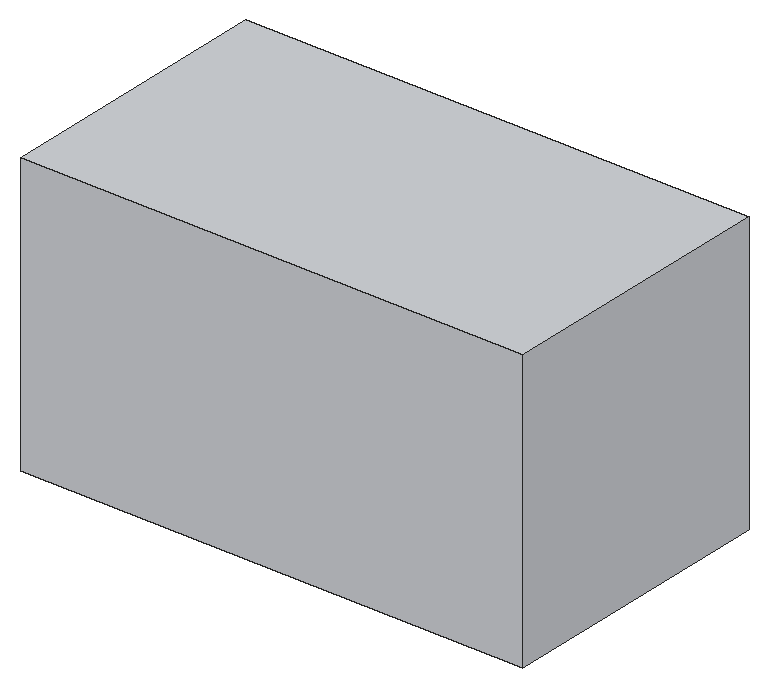
Revit family "M_Caixa exposta - Três saídas - Dois lados - PVC", category Conexões do conduite, Revit 2019
Family settings
  Cota do conector redondo = Usar raio
  Tipo de parte = Múltiplas portas
  Número OmniClass = 23.80.30.17.11
  Título OmniClass = Conduits
  ID de item do Seek = Exposed Box - Three Outlets - Two Sides - PVC-0000-CAN-ENU
  Com base no plano de trabalho = Não
  Sempre na vertical = Sim
  Corte com vazios quando carregada = Não
  Compartilhado = Não
Parameters (values of type "Caixa de tomada única")
  Largura 2 [instance] = Diâmetro nominal máximo 123 + 12.7 mm  # 28.7 mm
  Largura 1 [instance] = (Largura - Largura 2) * 0.5  # 17.65 mm
  Largura [instance] = if(not(Diâmetro nominal máximo 123 > 27 mm), Largura externa, 6 * Diâmetro nominal máximo 123)  # 64 mm
  Largura externa = 64 mm
  Raio nominal 3 [instance] = 8 mm
  Raio nominal 2 [instance] = 8 mm
  Raio nominal 1 [instance] = 8 mm
  Diâmetro nominal 3 [instance] = Raio nominal 3 * 2  # 16 mm
  Diâmetro nominal 2 [instance] = Raio nominal 2 * 2  # 16 mm
  Diâmetro nominal 1 [instance] = Raio nominal 1 * 2  # 16 mm
  Diâmetro nominal máximo 123 [instance] = if(Diâmetro nominal máximo 12 > Diâmetro nominal 3, Diâmetro nominal máximo 12, Diâmetro nominal 3)  # 16 mm
  Diâmetro nominal máximo 12 [instance] = if(Diâmetro nominal 1 > Diâmetro nominal 2, Diâmetro nominal 1, Diâmetro nominal 2)  # 16 mm
  Comprimento [instance] = if(not(Diâmetro nominal máximo 123 > 27 mm), 114 mm, 8 * Diâmetro nominal máximo 123)  # 114 mm
  Altura [instance] = if(not(Diâmetro nominal máximo 123 > 27 mm), 63.5 mm, if(Diâmetro nominal máximo 123 < 155 mm, 155 mm, Diâmetro nominal máximo 123 * 1.2))  # 63.5 mm
Types (3, lengths in mm): name | Largura 1 | Largura | Largura externa
  (no name) | 17.65 | 64 | 64
  Caixa de tomada dupla | 45.65 | 120 | 120
  Caixa de tomada única | 17.65 | 64 | 64
Reference planes
  plane 1 "Centro (Frente/Trás)": y = 0
  plane 2: z = 0
  plane 3 "Centro (Esquerda/Direita)": x = 0
  plane 4: y = 17.65
  plane 5: y = -46.35
  plane 6: x = 114
  plane 7: z = -31.75
  plane 8: z = 31.75
  plane 9: y = -28.7
Forms (mm)
  Extrusion 1, solid
    sketch origin (0, 0, 0) x (1, 0, 0) y (0, 1, 0)
      loop
        line (0, 17.65) -> (0, -46.35) -> (114, -46.35) -> (114, 17.65) -> (0, 17.65)
    from -31.75 to 31.75
  Extrusion 2, solid
    sketch origin (0, 0, 0) x (0, 1, 0) y (0, 0, 1)
      loop
        circle (0, 0) r 8
    from 0 to 24.53
  Extrusion 3, solid
    sketch origin (0, 0, 0) x (0, 1, 0) y (0, 0, 1)
      loop
        circle (-28.7, 0) r 8
    from 0 to 24.53
Cuts and joins
  joined: Extrusion 1, Extrusion 2, Extrusion 3
Dimensions and locks
  equal spacing: plane 8, plane 2, plane 7
  locked: level to plane 2
  "Altura": plane 8 to plane 7
  "Comprimento": plane 3 "Centro (Esquerda/Direita)" to plane 6
  "Largura 1": plane 4 to plane 1 "Centro (Frente/Trás)"
  "Largura 2": plane 9 to plane 1 "Centro (Frente/Trás)"
  "Largura": plane 4 to plane 5
  "Raio nominal 1": radius of Extrusion 2 sketch curve
  "Raio nominal 1": radius of Extrusion 3 sketch curve
  aligned and locked: Extrusion 1 sketch curve to plane 4
  aligned and locked: plane 5 to Extrusion 1 sketch curve
  aligned and locked: Extrusion 1 sketch curve to plane 6
  aligned: Extrusion 1 to plane 2
  aligned and locked: Extrusion 1 to plane 7
  aligned and locked: plane 8 to Extrusion 1
  aligned and locked: Extrusion 1 to plane 3 "Centro (Esquerda/Direita)"
  aligned and locked: plane 2 to Extrusion 2 sketch curve
  aligned and locked: plane 1 "Centro (Frente/Trás)" to Extrusion 2 sketch curve
  aligned and locked: Extrusion 2 to plane 3 "Centro (Esquerda/Direita)"
  aligned and locked: plane 2 to Extrusion 3 sketch curve
  aligned and locked: plane 9 to Extrusion 3 sketch curve
  aligned and locked: Extrusion 3 to plane 3 "Centro (Esquerda/Direita)"
Automatic sketch dimensions
  plane 3 "Centro (Esquerda/Direita)" to Extrusion 1 sketch curve = 0 mm
Connectors
  cabletrayconduit at (0, 0, 0), diameter 16, driven by "Raio nominal 1"
    settings: on Extrusion 2, index 1, connector width 304.8 mm, connector height 304.8 mm, connector angle 0.00°, system type 32, placement type 0, profile type 0, connector reference index 3, is primary connector yes, connector utility param no, connector description ""
  cabletrayconduit at (0, -28.7, 0), diameter 16, driven by "Raio nominal 2"
    settings: on Extrusion 3, index 2, connector width 304.8 mm, connector height 304.8 mm, connector angle 0.00°, system type 32, placement type 0, profile type 0, connector reference index -1, is primary connector no, connector utility param no, connector description ""
  cabletrayconduit at (114, -14.35, 0), diameter 16, driven by "Raio nominal 3"
    settings: on cut or joined group of Extrusion 1, Extrusion 2, Extrusion 3, index 3, connector width 304.8 mm, connector height 304.8 mm, connector angle 0.00°, system type 32, placement type 0, profile type 0, connector reference index 1, is primary connector no, connector utility param no, connector description ""
